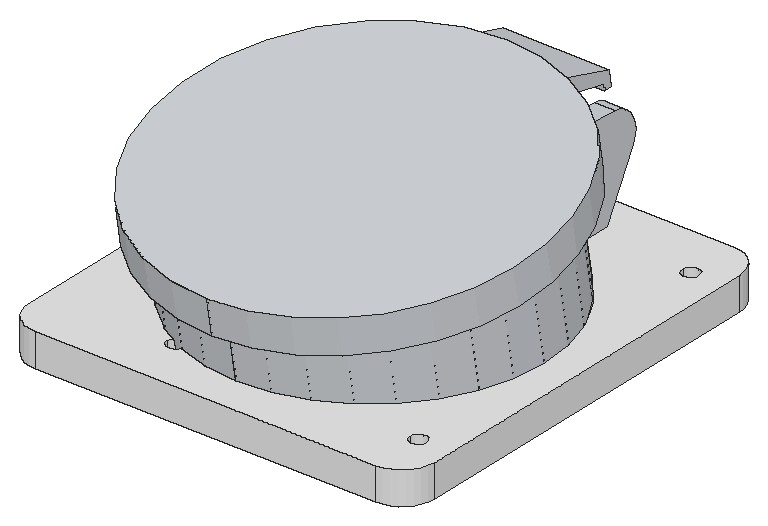
Revit family "Building-IEC309Connections-GEWISS-IEC309HP-10°_FLUSH-MOUNT_SOCKET_63A_IP44-54", category Apparecchi elettrici, host Superficie, Revit 2019
Family settings
  Host = Superficie
  Mantenere orientamento annotazione = Sì
  Quota connettore circolare = Usa diametro
  Tipo di parte = Normale
  Taglio con vuoti quando caricato = No
  Condiviso = Sì
  Punto di calcolo locali = Sì
Parameters (values of type "GW63221H - 10°FLUSH.S.O.HP IP44 3P+N+E 63A 400V 6H")
  simbolo acceso [instance] = yes
  distanza_simbolo [instance] = 1 mm
  distanza dal piano [instance] = 0 mm
  W = 115 mm  # constant formula
  Version file RFA = "21.11"
  URL = "https://www.gewiss.com/ww/en"
  Typology = "10° angled flush-mounting socket-outlet"
  Type of wiring = "Mantle terminal"
  Type of material = "Halogen-free in compliance with EN 60754-2"
  Total number of operations = "-2000"
  Thermo-pressure with ball = "125 °C (active parts) - 80 °C (passive parts)"
  Terminal tightening capacity = "6-16mm² flexible cables - 6-25mm² rigid cables"
  Technical sheet = "https://www.gewiss.com/ww/en/search?q=GW63221H"
  Spostamento_effettivo_S [instance] = 4000 mm - Spostamento_S  # 3050 mm
  Spostamento_S = 950 mm
  Sportello_visibile = yes
  Shock resistance = "IK09"
  SPinotto = Default(2)
  SEO = "Socket outlet"
  Reference h = "6"
  Realized by GEWISS S.p.A. = ""
  Rated voltage: = "346 - 415 V"
  Rated current (A) = "63"
  Prospetto di default = 500 mm
  Produttore = "GEWISS S.p.A."
  Piastra = Default(2)
  Operating temperature: = "-25 +55 °C"
  No. of poles = "3P+N+E"
  Model = "GW63221H"
  L = 155 mm  # constant formula
  Insulation resistance = "- 10 M?"
  Immagine tipo = (empty or 0)
  IP degree = "IP44/IP54"
  IDT = "bd500f5bebc94172aa8bf80527fc28cd"
  IDF = "f1048570-cea4-440a-a8ba-56aa143d5f84"
  Glow wire test: = "850 °C (active parts) - 650 °C (passive parts)"
  Frequency = "50/60 Hz"
  Flange dimensions (mm) = "110x100"
  FORMULA = 1000 mm * 1  # 1000 mm
  Electrocod = "2210"
  Description = "10°FLUSH.S.O.HP IP44 3P+N+E 63A 400V 6H"
  Corpo centrale = Default(2)
  Colour: = "Red"
  Catalogue = "BUILDING"
  COBie.Tagnumber = ""
  COBie.CreatedOn = ""
  COBie.CreatebBy = ""
  COBie.ComponentRegisterItemID = ""
  COBie.Component.TagNumber = ""
  COBie.Component.Space = ""
  COBie.Component.SerialNumber = ""
  COBie.Component.InstallationDate = ""
  COBie.Component.Description = ""
  COBie.Component.BarCode = ""
  Breaking capacity at 1.1 Un = "79A"
  BLOCCO = "B=C"
Types (9, lengths in mm): name | Technical sheet | Reference h | Rated voltage: | No. of poles | Model | IDT | Description | Colour:
  GW63213H - 10°FLUSH.S.O.HP IP44 2P+E 63A 110V 4H | "https://www.gewiss.com/ww/en/search?q=GW63213H" | "4" | "100 - 130 V" | "2P+E" | "GW63213H" | "61669017e2464aa9a62ddc531653e513" | "10°FLUSH.S.O.HP IP44 2P+E 63A 110V 4H" | "Yellow"
  GW63214H - 10°FLUSH.S.O.HP IP44 3P+E 63A 110V 4H | "https://www.gewiss.com/ww/en/search?q=GW63214H" | "4" | "100 - 130 V" | "3P+E" | "GW63214H" | "fc65625c013245c19e3a6eb46933e87c" | "10°FLUSH.S.O.HP IP44 3P+E 63A 110V 4H" | "Yellow"
  GW63215H - 10°FLUSH.S.O.HP IP44 3P+N+E 63A 110V 4H | "https://www.gewiss.com/ww/en/search?q=GW63215H" | "4" | "100 - 130 V" | "3P+N+E" | "GW63215H" | "02a58fad572d49f1894efb9f33099149" | "10°FLUSH.S.O.HP IP44 3P+N+E 63A 110V 4H" | "Yellow"
  GW63216H - 10°FLUSH.S.O.HP IP44 2P+E 63A 230V 6H | "https://www.gewiss.com/ww/en/search?q=GW63216H" | "6" | "200 - 250 V" | "2P+E" | "GW63216H" | "79fff453ac6444c2bd27000ce9ccac0e" | "10°FLUSH.S.O.HP IP44 2P+E 63A 230V 6H" | "Blue"
  GW63217H - 10°FLUSH.S.O.HP IP44 3P+E 63A 230V 9H | "https://www.gewiss.com/ww/en/search?q=GW63217H" | "9" | "200 - 250 V" | "3P+E" | "GW63217H" | "d9f0499d68304e58a34fe50e9b2b594a" | "10°FLUSH.S.O.HP IP44 3P+E 63A 230V 9H" | "Blue"
  GW63218H - 10°FLUSH.S.O.HP IP44 3P+N+E 63A 230V 9H | "https://www.gewiss.com/ww/en/search?q=GW63218H" | "9" | "200 - 250 V" | "3P+N+E" | "GW63218H" | "f23697c106044597a00dd3e8dff3583a" | "10°FLUSH.S.O.HP IP44 3P+N+E 63A 230V 9H" | "Blue"
  GW63219H - 10°FLUSH.S.O.HP IP44 2P+E 63A 400V 9H | "https://www.gewiss.com/ww/en/search?q=GW63219H" | "9" | "380 - 415 V" | "2P+E" | "GW63219H" | "3de2cba5ee5d490c8b844cfae78d13f4" | "10°FLUSH.S.O.HP IP44 2P+E 63A 400V 9H" | "Red"
  GW63220H - 10°FLUSH.S.O.HP IP44 3P+E 63A 400V 6H | "https://www.gewiss.com/ww/en/search?q=GW63220H" | "6" | "380 - 415 V" | "3P+E" | "GW63220H" | "bb1a3da45d8d48a4b454b9f87e44c955" | "10°FLUSH.S.O.HP IP44 3P+E 63A 400V 6H" | "Red"
  GW63221H - 10°FLUSH.S.O.HP IP44 3P+N+E 63A 400V 6H | "https://www.gewiss.com/ww/en/search?q=GW63221H" | "6" | "346 - 415 V" | "3P+N+E" | "GW63221H" | "bd500f5bebc94172aa8bf80527fc28cd" | "10°FLUSH.S.O.HP IP44 3P+N+E 63A 400V 6H" | "Red"
Reference planes
  plane 1 "Centro (Fronte/Retro)": y = 0
  plane 2: z = 0
  plane 3 "Centro (Sinistra/Destra)": x = 0
  plane 4: x = -3000
  plane 5: x = 50
  plane 6: z = 0
Dimensions and locks
  plane 4 to plane 3 "Centro (Sinistra/Destra)" = 3000 mm
  "Spostamento_effettivo_S": plane 4 to plane 5
  "distanza dal piano": plane 6 to plane 2
  aligned and locked: plane 2 to host face
  aligned and locked: level to host face
  aligned and locked: plane 3 "Centro (Sinistra/Destra)" to nested 1
  aligned and locked: plane 1 "Centro (Fronte/Retro)" to nested 1
  aligned and locked: nested 2 to plane 5
Automatic sketch dimensions
  host sketch curve to host sketch curve = 2438.4 mm  (x2)
Nested families
  nested 1: "IEC309 PRESE FISSE INCASSO 10' 63A IP44-54.rfa_BASE" at (0, 0, 0), type "IEC309 PRESE FISSE INCASSO 10' 63A IP44-54.rfa_BASE"
  nested 2: "GWGW62201FH - SIMBOLO_PRESA" at (50, 171.559, 0), visible <- "simbolo acceso", Distanza dal muro <- "distanza_simbolo", type "3P"
    with SIMBOLO ACCESO yes, Distanza dal muro 1 mm
Connectors
  electrical at (37.5, 30, 0)
    settings: on nested 1, index 1, voltage 0 V, apparent load 0 VA, apparent load phase1 0 VA, apparent load phase2 0 VA, apparent load phase3 0 VA, power factor 1, load classification "Altro", number of poles 1, system type 31, power factor state 1, is connector primary yes, connector utility no, sub classification motor no, connector description ""
Definition of nested family "IEC309 PRESE FISSE INCASSO 10' 63A IP44-54.rfa_BASE"
  Parameters (values of type "IEC309 PRESE FISSE INCASSO 10' 63A IP44-54.rfa_BASE")
    sp_ghiera = 16 mm
    r2 = 39 mm
    h = 110 mm  # constant formula
    dis_base = 71 mm
    Sportello = yes
    Spinotto = none
    R1 = 42 mm
    PIASTRA = none
    Lunghezza totale = 140 mm
    CENTRALE = none
    Bsae = 100 mm  # constant formula
  Reference planes
    plane 1 "Centro (Fronte/Retro)": y = 0
    plane 2: z = 0
    plane 3 "Centro (Sinistra/Destra)": x = 0
    plane 4: x = 100
    plane 5: x = 32
    plane 6: y = 13
    plane 7: x = 92
    plane 8: y = 97
    plane 9: y = 110
    plane 10: x = 50
    plane 11: z = 8.057
    plane 12: z = 23.239
    plane 13: x = 68
    plane 14: x = 63
    plane 15: x = 37
    plane 16: y = 55
  Forms (mm)
    Extrusion 1, solid, material <- "PIASTRA"
      sketch origin (0, 0, 0) x (1, 0, 0) y (0, 1, 0)
        loop
          arc (8, 110) -> (2.343, 107.657) -> (0, 102) r 8
          line (0, 102) -> (0, 8)
          arc (0, 8) -> (2.343, 2.343) -> (8, 0) r 8
          line (8, 0) -> (92, 0)
          arc (92, 0) -> (97.657, 2.343) -> (100, 8) r 8
          line (100, 8) -> (100, 102)
          arc (100, 102) -> (97.657, 107.657) -> (92, 110) r 8
          line (92, 110) -> (8, 110)
      from 0 to 8.057
    Extrusion 2, solid, visible <- "Sportello"
      sketch origin (0, 7.5, -1.562) x (0, 1, 0) y (0, 0, 1)
        loop
          line (68.95, 36.363) -> (89.587, 33.905) -> (88.744, 38.546)
          arc (88.744, 38.546) -> (88.891, 39.007) -> (89.354, 39.142) r 0.515
          line (89.354, 39.142) -> (98.841, 37.179) -> (99.165, 35.396) -> (101.085, 35.373) -> (100.333, 39.637) -> (79.232, 45.894) -> (67.63, 43.848) -> (68.95, 36.363)
      from 37 to 63
    Extrusion 3, void
      sketch origin (0, 0, 0) x (1, 0, 0) y (0, 1, 0)
        loop
          circle (32, 97) r 2.072
        loop
          circle (92, 97) r 2.072
        loop
          circle (32, 13) r 2.072
        loop
          circle (92, 13) r 2.072
      from 0 to 8.057
    Extrusion 4, solid
      sketch origin (0, 7.5, 0) x (0, 1, 0) y (0, 0, 1)
        loop
          line (96.29, 32.466) -> (69.064, 34.238) -> (73.733, 8.057) -> (93.558, 8.057) -> (101.259, 22.19)
          arc (101.259, 22.19) -> (101.771, 28.777) -> (96.29, 32.466) r 6.557
      from 63 to 68
    Sweep 5, solid
      path origin (2.5, 16.25, 0) x (0, 1, 0) y (0, 0, 1)
        loop
          line (36.306, 4.207) -> (31.823, 29.346)
      profile origin (2.5, 50.314, 16.777) x (0, -0.98447, -0.175554) y (1, 0, 0)
        loop
          circle (0, 47.5) r 42
    Sweep 6, solid
      path origin (0, 16.25, 0) x (0, 1, 0) y (0, 0, 1)
        loop
          line (31.823, 29.346) -> (30.209, 38.396)
      profile origin (0, 47.266, 33.871) x (0, -0.98447, -0.175554) y (1, 0, 0)
        loop
          circle (0, 50) r 47
    Extrusion 7, solid
      sketch origin (75, 7.5, 0) x (0, 1, 0) y (0, 0, -1)
        loop
          arc (96.29, -32.466) -> (101.771, -28.777) -> (101.259, -22.19) r 6.557
          line (101.259, -22.19) -> (93.558, -8.057) -> (73.733, -8.057) -> (69.064, -34.238) -> (96.29, -32.466)
      from 38 to 43
    Sweep 8, solid
      path origin (0, 16.25, 0) x (0, 1, 0) y (0, 0, 1)
        loop
          line (31.823, 29.346) -> (36.212, 4.734)
      profile origin (0, 50.267, 17.04) x (0, 0.98447, 0.175554) y (1, 0, 0)
        loop
          circle (0, 50) r 42
  Cuts and joins
    Extrusion 3 cuts Extrusion 1
  Dimensions and locks
    "Bsae": plane 3 "Centro (Sinistra/Destra)" to plane 4
    locked: plane 7 to plane 4 at 8
    "h": plane 1 "Centro (Fronte/Retro)" to plane 9
    equal spacing: plane 3 "Centro (Sinistra/Destra)", plane 10, plane 4
    locked: plane 5 to plane 7 at 60
    locked: plane 11 to level at 8.057
    plane 12 to plane 11 = 15.181 mm
    plane 9 to plane 8 = 13 mm
    locked: plane 14 to plane 13 at 5
    locked: plane 5 to plane 15 at 5
    radius of Extrusion 1 sketch curve = 8 mm  (x4)
    "R1": radius of Sweep 8 sketch curve
    "R1": radius of Sweep 5 sketch curve
    aligned and locked: level to plane 2
    aligned and locked: plane 9 to Extrusion 1
    aligned and locked: Extrusion 1 to plane 3 "Centro (Sinistra/Destra)"
    aligned and locked: plane 1 "Centro (Fronte/Retro)" to Extrusion 1
    aligned and locked: Extrusion 1 to plane 4
    aligned and locked: plane 11 to Extrusion 1
    aligned and locked: plane 5 to Extrusion 3 sketch curve  (x2)
    aligned and locked: plane 8 to Extrusion 3 sketch curve  (x2)
    aligned and locked: plane 7 to Extrusion 3 sketch curve  (x2)
    aligned and locked: Extrusion 3 sketch curve to plane 6
    aligned and locked: plane 6 to Extrusion 3 sketch curve
    aligned and locked: Extrusion 1 to Extrusion 3
    aligned and locked: plane 10 to Sweep 6 sketch curve
    aligned and locked: plane 10 to Sweep 5 sketch curve
    aligned and locked: plane 10 to Sweep 8 sketch curve
    aligned and locked: Extrusion 4 to plane 13
    aligned and locked: Extrusion 4 to plane 14
    aligned and locked: plane 14 to Extrusion 2
    aligned and locked: Extrusion 7 to plane 15
    aligned and locked: Extrusion 7 to plane 5
    aligned and locked: Extrusion 2 to plane 15
  Automatic sketch dimensions
    Extrusion 1 sketch curve to plane 3 "Centro (Sinistra/Destra)" = 0 mm
    Extrusion 1 sketch curve to plane 7 = 0 mm
    plane 1 "Centro (Fronte/Retro)" to Extrusion 1 sketch curve = 0 mm
    Extrusion 1 sketch curve to plane 9 = 0 mm
    Extrusion 2 sketch curve to plane 8 = 21.87 mm
    plane 12 to Extrusion 2 sketch curve = 11.562 mm
    Extrusion 2 sketch curve to Extrusion 2 sketch curve = 1.32 mm
    Extrusion 2 sketch curve to Extrusion 2 sketch curve = 11.601 mm
    Extrusion 2 sketch curve to plane 8 = 0.756 mm
    Extrusion 2 sketch curve to Extrusion 2 sketch curve = 0.506 mm
    Extrusion 2 sketch curve to Extrusion 2 sketch curve = 0.104 mm
    Extrusion 2 sketch curve to Extrusion 2 sketch curve = 0.843 mm
    plane 8 to Extrusion 2 sketch curve = 9.341 mm
    Extrusion 2 sketch curve to Extrusion 2 sketch curve = 0.324 mm
    Extrusion 2 sketch curve to Extrusion 2 sketch curve = 1.493 mm
    Extrusion 2 sketch curve to Extrusion 2 sketch curve = 1.92 mm
    plane 12 to Extrusion 2 sketch curve = 10.595 mm
    Extrusion 2 sketch curve to Extrusion 2 sketch curve = 0.023 mm
    plane 12 to Extrusion 2 sketch curve = 9.103 mm
    Extrusion 2 sketch curve to Extrusion 2 sketch curve = 1.783 mm
    Extrusion 2 sketch curve to Extrusion 2 sketch curve = 4.642 mm
    Extrusion 2 sketch curve to Extrusion 2 sketch curve = 0.092 mm
    Extrusion 2 sketch curve to Extrusion 2 sketch curve = 2.458 mm
    Extrusion 2 sketch curve to Extrusion 2 sketch curve = 7.485 mm
    Extrusion 4 sketch curve to plane 11 = 0 mm
    plane 12 to Extrusion 4 sketch curve = 10.999 mm
    Extrusion 4 sketch curve to plane 8 = 20.436 mm
    Extrusion 4 sketch curve to plane 8 = 15.767 mm
    plane 8 to Extrusion 4 sketch curve = 4.058 mm
    plane 8 to Extrusion 4 sketch curve = 6.367 mm
    plane 8 to Extrusion 4 sketch curve = 6.79 mm
    Extrusion 4 sketch curve to plane 12 = 1.049 mm
    plane 8 to Extrusion 4 sketch curve = 11.759 mm
    plane 12 to Extrusion 4 sketch curve = 2.684 mm
    plane 6 to Sweep 6 sketch curve = 33.459 mm
    plane 12 to Sweep 6 sketch curve = 6.107 mm
    Sweep 6 sketch curve to Sweep 6 sketch curve = 1.614 mm
    Sweep 6 sketch curve to Sweep 6 sketch curve = 9.051 mm
    Sweep 6 sketch curve to profile plane = 0 mm
    Extrusion 7 sketch curve to plane 11 = 0 mm
    plane 12 to Extrusion 7 sketch curve = 10.999 mm
    Extrusion 7 sketch curve to plane 8 = 20.436 mm
    Extrusion 7 sketch curve to plane 8 = 15.767 mm
    plane 8 to Extrusion 7 sketch curve = 4.058 mm
    plane 8 to Extrusion 7 sketch curve = 6.367 mm
    plane 8 to Extrusion 7 sketch curve = 6.79 mm
    Extrusion 7 sketch curve to plane 12 = 1.049 mm
    plane 8 to Extrusion 7 sketch curve = 11.759 mm
    plane 12 to Extrusion 7 sketch curve = 9.227 mm
    plane 12 to Sweep 5 sketch curve = 6.107 mm
    plane 6 to Sweep 5 sketch curve = 35.073 mm
    Sweep 5 sketch curve to plane 11 = 3.85 mm
    plane 6 to Sweep 5 sketch curve = 39.556 mm
    plane 12 to Sweep 8 sketch curve = 6.107 mm
    plane 6 to Sweep 8 sketch curve = 35.073 mm
    Sweep 8 sketch curve to plane 11 = 3.323 mm
    plane 6 to Sweep 8 sketch curve = 39.462 mm
    Sweep 5 sketch curve to profile plane = 0 mm
    Sweep 8 sketch curve to profile plane = 0 mm
    radius of Extrusion 3 sketch curve = 2.072 mm  (x4)
    radius of Sweep 6 sketch curve = 47 mm
Definition of nested family "GWGW62201FH - SIMBOLO_PRESA"
  Parameters (values of type "3P")
    SIMBOLO ACCESO [instance] = yes
    Distanza dal muro [instance] = 0 mm
  Reference planes
    plane 1: y = 0
    plane 2: x = 0
  Dimensions and locks
    "Distanza dal muro": plane 1 to nested 1
    aligned and locked: plane 2 to nested 1
  Nested families
    nested 1: "GWGW62201FH - SIMBOLO" at (0, 0, 0), visible <- "SIMBOLO ACCESO", type "3P"
  Definition of nested family "GWGW62201FH - SIMBOLO"
    Parameters (values of type "3P")
      CORNICE SIMBOLO [instance] = yes
      3P = yes
    Reference planes
      plane 1: y = 0
      plane 2: x = 0
    Lines and regions (mm)
      detail lines
        curve 1: circle (-0.314, 0.674, 0) r 0.057 normal (0, 0, 1)
        curve 2: arc (0.346, -0.009, 0) -> (0, 0.337, 0) -> (-0.346, -0.009, 0) r 0.346
        curve 3: line (0, 0.337, 0) -> (0.346, 0.337, 0)
        curve 4: line (0, 3.386, 0) -> (0, 0.337, 0)
        curve 5: line (0, 0.337, 0) -> (-0.314, 0.674, 0)
